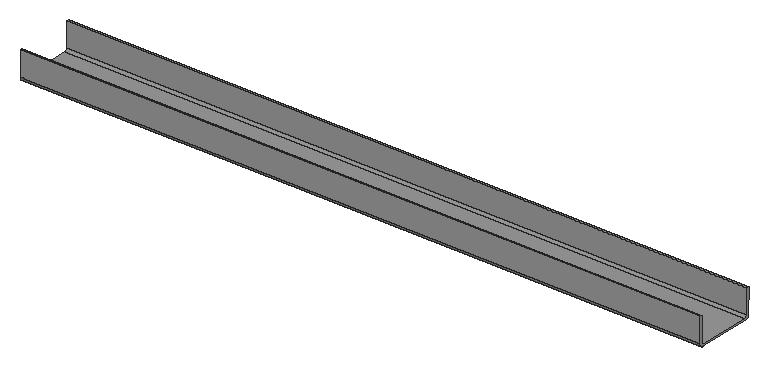
Revit family "TataSteel_Lintels_CN100", category Generic Models, host Wall, Revit 2015
Parameters (values of type "TataSteel_Lintel_CN100_1200")
  Youtube clip = "https://youtu.be/a3UsEv78pFc"
  Weight Net (Kg) = 0
  Uniclass 2015 Name = "Lintels"
  Uniclass 2015 Code = "Pr_20_85_48"
  Uniclass 2.0 Description = ""
  Uniclass 2.0 Code = ""
  Uniclass 1.4 Description = "Lintels"
  Uniclass 1.4 Code = "L3241"
  URL = "www.catnic.com"
  UNSPSC Code = "30101704"
  Type Comments = ""
  Technical description = "http://catnic.com/products/lintels"
  Region South America = "None"
  Region Oceania = "None"
  Region North America = "None"
  Region Middle East = "None"
  Region Europe = "AD, AL, AT, AX, BA, BE, BG, BY, CH, CY, CZ, DE, DK, EE, ES, FI, FO, FR, GB, GG, GI, GR, HR, HU, IE, IM, IS, IT, JE, LI, LT, LU, LV, MC, MD, ME, MK, MT, NL, NO, PL, PT, RO, RS, RU, SE, SI, SJ, SK, SM, UA, VA"
  Region Asia = "None"
  Region Antarctica = "None"
  Region Africa = "None"
  QR code = "http://bimobject.com/tata-steel/product/catnic-cn100"
  Product group = "Catnic"
  Product family = "Lintels"
  Product data url = ""
  Product certification = "http://catnic.com/products/lintels"
  Product SKU = "catnic-cn100"
  Product Guid = "9b81e6bb-e79a-4d07-84b8-f76bb5806a3c"
  OmniClass Description = "Lintels"
  OmniClass Code = "23-13 21 25 11"
  Nominal width = 0
  Nominal height = 0
  NBS Reference Description = ""
  NBS Reference Code = ""
  Material secondary = ""
  Material main = "Steel"
  Manufacturer name = "Tata Steel"
  Manufacturer country = "United Kingdom"
  Manufacturer = "Catnic, TATA"
  LintelWidth = 106.2 mm
  b2 = WallThickness / 2  # 50 mm
  b1 = WallThickness / 2  # 50 mm
  Weight = 3.7 mm
  WarrantyStartDate = "1900-12-31T23:59:59"
  WarrantyGuarantorParts = "n/a"
  WarrantyGuarantorLabor = "n/a"
  WarrantyDurationUnit = "n/a"
  WarrantyDurationParts = "n/a"
  WarrantyDurationLabor = "n/a"
  WarrantyDescription = "n/a"
  Version = ""
  Uniclass2015 = "Pr_20_85_48_11"
  Type Image = (empty or 0)
  LintelThickness = 3.1 mm
  ThermalTransmittance = 0 mm
  TagNumber = "n/a"
  TSE_Version = ""
  TSE_TechnicalContact = "catnic.technical@tatasteel.com"
  TSE_SalesContact = "catnic.sales@tatasteel.com"
  TSE_Revision = ""
  TSE_QR code = 0
  TSE_ProductGuid = ""
  TSE_ProductCertification = "www.catnic.com"
  TSE_Model = "TataSteel_Lintel_CN100_1200"
  TSE_ManufacturerURL = "www.catnic.com"
  TSE_InstallationInstructions = "www.catnic.com"
  TSE_EAN_code = ""
  TSE_Documentation = "www.catnic.com"
  TSE_Description = ""
  TSE_Classification = ""
  TSE_BIMObjectSource = ""
  TSE_BIMObjectName = "TataSteel_Lintel_CN100_1200"
  SustainabilityPerformance = "n/a"
  Steel = Steel
  Status = "n/a"
  Standard = ""
  Span = 900 mm
  Slope = 0 mm
  Sizes = ""
  Size = "50H x 106.2W x 1200L"
  Shape = "Channel"
  SerialNumber = "n/a"
  SafeWorkingLoad = 10 mm
  Roll = 0 mm
  Revision = ""
  ReplacementCost = "n/a"
  Reference = ""
  ProductInformation = "www.catnic.com"
  NominalLength = 1200 mm
  Name = "Lintel"
  NBSTypeID = "n/a"
  NBSReference = "F30 755"
  NBSDescription = "Pre fabricated Steel Lintel"
  ModelReference = "Internal Walls"
  ModelNumber = "CN100"
  Model = "TataSteel_Lintel_CN100_1200"
  MinLintelLength = "1050"
  MaxLintelLength = "1200"
  MaterialFinishAndCoatingReference = ""
  ManufacturerURL = "www.catnic.com"
  LoadCategory = "LIGHT DUTY"
  LoadBearing = yes
  LintelType = "SOLID INTERNAL"
  WallThickness = 100 mm
  LintelLength = 1200 mm
  LintelHeight = 50 mm
  LengthIncrement = "150mm up to 3000mm. \r\n300mm above 3000mm"
  Keynote = ""
  IsExternal = no
  InstallationDate = "1900-12-31T23:59:59"
  Installation instructions = "http://catnic.com/products/lintels"
  IfcExportType = "LINTEL"
  IfcExportAs = "IfcBeamType"
  IFC Classification = "Structural Member"
  Grade = "DX51"
  FireRating = "60"
  Finish = "Galv and Powder coated"
  Features = "n/a"
  ExpectedLife = "60 yrs"
  EndBearing = 150 mm
  Edition number = 1
  EAN code = ""
  DurationUnit = ""
  Design country = ""
  Description = "Light duty internal wall lintel"
  Date of publishing = ""
  CreatedOn = ""
  CreatedBy = ""
  Constituents = ""
  Color = "Black"
  CodePerformance = "n/a"
  ClearSpan = 900 mm
  CharacteristicThermalConductivity = 0 mm
  CharacteristicResistanceToFire = 60 mm
  CharacteristicDeflectionUnderLoad = 0 mm
  Category = "n/a"
  COBIe Type Category = ""
  BarCode = "n/a"
  BIMobject category = "Beams & Lintels"
  BIMObjectName = "TataSteel_Lintel_CN100_1200"
  Author = "TATA"
  AssetType = "FIXED"
  AssetIdentifier = "n/a"
  Assembly Code = ""
  AllowableLoadLimiting = 10 mm
  AccessibilityPerformance = "n/a"
Types (2, lengths in mm): name | TSE_Model | TSE_BIMObjectName | Span | Size | NominalLength | Model | LintelLength | ClearSpan | BIMObjectName
  TataSteel_Lintel_CN100_1050 | "TataSteel_Lintel_CN100_1050" | "TataSteel_Lintel_CN100_1050" | 750 | "50H x 106.2W x 1050L" | 1050 | "TataSteel_Lintel_CN100_1050" | 1050 | 750 | "TataSteel_Lintel_CN100_1050"
  TataSteel_Lintel_CN100_1200 | "TataSteel_Lintel_CN100_1200" | "TataSteel_Lintel_CN100_1200" | 900 | "50H x 106.2W x 1200L" | 1200 | "TataSteel_Lintel_CN100_1200" | 1200 | 900 | "TataSteel_Lintel_CN100_1200"
Reference planes
  plane 1 "Wall": y = 0
  plane 2 "Center (Left/Right)": x = 125
  plane 3 "Back": y = 150
  plane 4 "Outside wall face": y = 50
  plane 5 "Inside wall face": y = -50
  plane 6: x = 575
  plane 7: x = -325
  plane 8: x = 725
  plane 9: x = -475
  plane 10: z = 1846.358
  plane 11 "U/S brickwork": z = 1849.458
  plane 12: z = 1896.358
Forms (mm)
  Extrusion 1, solid, material "Steel" <- "Steel"
    sketch origin (125, 0, 0) x (0, 1, 0) y (0, 0, 1)
      loop
        line (-53.1, 1896.358) -> (-53.1, 1852.358)
        arc (-53.1, 1852.358) -> (-51.343, 1848.115) -> (-47.1, 1846.358) r 6
        line (-47.1, 1846.358) -> (47.1, 1846.358)
        arc (47.1, 1846.358) -> (51.342, 1848.115) -> (53.1, 1852.358) r 6
        line (53.1, 1852.358) -> (53.1, 1896.358) -> (50, 1896.358) -> (50, 1853.458)
        arc (50, 1853.458) -> (48.828, 1850.629) -> (46, 1849.458) r 4
        line (46, 1849.458) -> (-46, 1849.458)
        arc (-46, 1849.458) -> (-48.829, 1850.629) -> (-50, 1853.458) r 4
        line (-50, 1853.458) -> (-50, 1896.358) -> (-53.1, 1896.358)
    from -600 to 600
Lines and regions (mm)
  reference lines
    curve 1: line (125, -980.798, 1706.418) -> (125, -974.579, 1671.418)
    curve 2: line (125, 988.36, 2081.298) -> (125, 994.579, 2046.298)
    curve 3: line (125, -53.1, 1896.358) -> (125, -53.1, 1846.358)
    curve 4: line (125, -53.1, 1846.358) -> (125, 53.1, 1846.358)
    curve 5: line (125, 53.1, 1846.358) -> (125, 53.1, 1896.358)
    curve 6: line (125, 53.1, 1896.358) -> (125, 50, 1896.358)
    curve 7: line (125, 50, 1896.358) -> (125, 50, 1849.458)
    curve 8: line (125, 50, 1849.458) -> (125, -50, 1849.458)
    curve 9: line (125, -50, 1849.458) -> (125, -50, 1896.358)
    curve 10: line (125, -50, 1896.358) -> (125, -53.1, 1896.358)
Text (mm)
  text "Placement Side" at (-1848.837, 1116.779, 0), in view "Ref. Level"
  text "Placement side" at (0, 1409.804, 2854.306), in view "Left"
  text "Placement side" at (0, 499.811, 2980.732), in view "Right"
Dimensions and locks
  locked: plane 3 "Back" to host wall
  "b1": plane 4 "Outside wall face" to host wall
  "b2": host wall to plane 5 "Inside wall face"
  equal spacing: plane 6, plane 2 "Center (Left/Right)", plane 7
  "EndBearing": plane 8 to plane 6
  "EndBearing": plane 7 to plane 9
  "LintelLength": plane 8 to plane 9
  "LintelThickness": plane 11 "U/S brickwork" to plane 10
  equal spacing: curve 3, host wall, curve 5
  "LintelWidth": curve 3 to curve 5
  "LintelThickness": curve 3 to curve 9
  "LintelThickness": curve 7 to curve 5
  "LintelHeight": plane 12 to plane 10
  radius of Extrusion 1 sketch curve = 4 mm  (x2)
  radius of Extrusion 1 sketch curve = 6 mm  (x2)
  aligned and locked: plane 1 "Wall" to host wall
  aligned and locked: curve 8 to Extrusion 1
  aligned and locked: Extrusion 1 to curve 6
  aligned and locked: Extrusion 1 to curve 3
  aligned and locked: curve 4 to Extrusion 1
  aligned and locked: plane 8 to Extrusion 1
  aligned and locked: Extrusion 1 to plane 9
Automatic sketch dimensions
  Extrusion 1 sketch curve to plane 12 = 0 mm  (x2)
  Extrusion 1 sketch curve to plane 10 = 0 mm
  Extrusion 1 sketch curve to plane 11 "U/S brickwork" = 0 mm
  Extrusion 1 sketch curve to plane 5 "Inside wall face" = 3.1 mm
  Extrusion 1 sketch curve to Extrusion 1 sketch curve = 1.1 mm  (x2)
  plane 4 "Outside wall face" to Extrusion 1 sketch curve = 0 mm
  curve 5 to plane 10 = 0 mm
  curve 9 to plane 11 "U/S brickwork" = 0 mm
  curve 5 to plane 12 = 0 mm
  curve 10 to plane 12 = 0 mm
  curve 1 to plane 10 = 174.94 mm
  host wall to curve 1 = 824.579 mm
  curve 1 to plane 10 = 139.94 mm
  curve 1 to curve 1 = 6.219 mm
  plane 12 to curve 2 = 184.94 mm
  host wall to curve 2 = 838.36 mm
  plane 12 to curve 2 = 149.94 mm
  curve 2 to curve 2 = 6.219 mm
